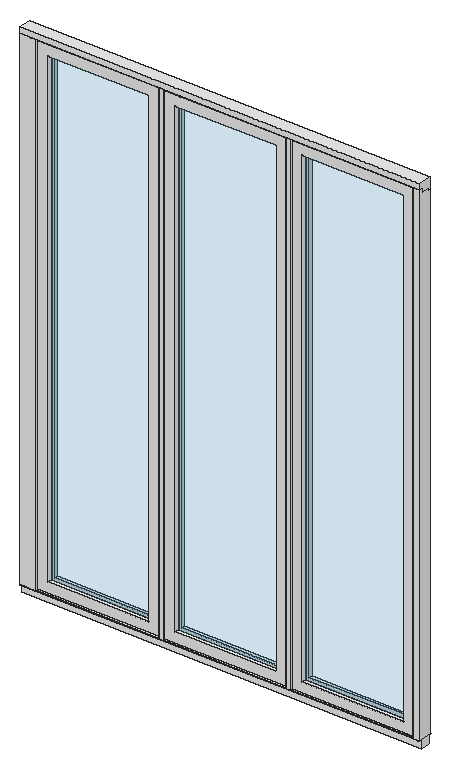
Revit family "98133", category Windows, host Wall, Revit 2018 (continued)
Definition of nested family "Right-Jamb_SL-73"
  Definition of nested family "RightJamb_SL73"
    Lines and regions (in)
      model lines, in view "Ref. Level"
        curve 365: line (3.05713, -0.24409, 0) -> (3.11168, -0.14961, 0)
        curve 366: line (3.11168, -0.14961, 0) -> (3.11513, -0.14032, 0)
        curve 367: line (3.1069, -0.13806, 0) -> (3.0218, -0.11526, 0)
        curve 368: line (2.99702, -0.13427, 0) -> (2.99702, -0.25591, 0)
        curve 369: line (2.99702, -0.25591, 0) -> (2.20568, -0.25591, 0)
        curve 370: line (2.20568, -0.32677, 0) -> (2.48521, -0.32677, 0)
        curve 371: line (2.48521, -0.32677, 0) -> (2.48521, -0.38583, 0)
        curve 372: line (2.48521, -0.38583, 0) -> (2.41681, -0.39438, 0)
        curve 373: line (2.40647, -0.4061, 0) -> (2.40647, -0.46005, 0)
        curve 374: line (2.41681, -0.47177, 0) -> (2.48521, -0.48031, 0)
        curve 375: line (2.48521, -0.48031, 0) -> (2.48521, -0.53937, 0)
        curve 376: line (2.48521, -0.53937, 0) -> (2.09938, -0.53937, 0)
        curve 377: line (2.08824, -0.5315, 0) -> (2.06395, -0.5315, 0)
        curve 378: line (2.05213, -0.54331, 0) -> (2.05213, -0.57087, 0)
        curve 379: line (2.09151, -0.61024, 0) -> (2.60332, -0.61024, 0)
        curve 380: line (2.60332, -0.61024, 0) -> (2.60332, -1.06685, 0)
        curve 381: line (2.60332, -1.06685, 0) -> (2.66237, -1.08268, 0)
        curve 382: line (2.66237, -1.08268, 0) -> (2.66237, -1.00394, 0)
        curve 383: line (2.66237, -1.00394, 0) -> (2.80017, -1.00394, 0)
        curve 384: line (2.80017, -1.00394, 0) -> (2.80017, -1.20986, 0)
        curve 385: line (2.80017, -1.20986, 0) -> (2.81198, -1.23031, 0)
        curve 386: line (2.81198, -1.23031, 0) -> (2.80017, -1.25077, 0)
        curve 387: line (2.80017, -1.25077, 0) -> (2.80017, -1.50394, 0)
        curve 388: line (2.80017, -1.50394, 0) -> (2.66237, -1.50394, 0)
        curve 389: line (2.66237, -1.50394, 0) -> (2.66237, -1.37795, 0)
        curve 390: line (2.66237, -1.37795, 0) -> (2.60332, -1.39378, 0)
        curve 391: line (2.60332, -1.39378, 0) -> (2.60332, -1.5748, 0)
        curve 392: line (2.60332, -1.5748, 0) -> (3.98127, -1.5748, 0)
        curve 393: line (3.98127, -1.5748, 0) -> (3.98127, -1.43315, 0)
        curve 394: line (3.98127, -1.43315, 0) -> (3.92221, -1.41732, 0)
        curve 395: line (3.92221, -1.41732, 0) -> (3.92221, -1.49606, 0)
        curve 396: line (3.92221, -1.49606, 0) -> (3.78442, -1.49606, 0)
        curve 397: line (3.78442, -1.49606, 0) -> (3.78442, -1.24093, 0)
        curve 398: line (3.78442, -1.24093, 0) -> (3.77261, -1.22047, 0)
        curve 399: line (3.77261, -1.22047, 0) -> (3.78442, -1.20002, 0)
        curve 400: line (3.78442, -1.20002, 0) -> (3.78442, -0.94488, 0)
        curve 401: line (3.78442, -0.94488, 0) -> (3.92221, -0.94488, 0)
        curve 402: line (3.92221, -0.94488, 0) -> (3.92221, -1.02362, 0)
        curve 403: line (3.92221, -1.02362, 0) -> (3.98127, -1.0078, 0)
        curve 404: line (3.98127, -1.0078, 0) -> (3.98127, -0.90945, 0)
        curve 405: line (3.98127, -0.90945, 0) -> (3.93009, -0.85827, 0)
        curve 406: line (3.92404, -0.85827, 0) -> (3.9104, -0.88189, 0)
        curve 407: line (3.9104, -0.88189, 0) -> (3.89676, -0.85827, 0)
        curve 408: line (3.89676, -0.85827, 0) -> (3.86105, -0.85827, 0)
        curve 409: line (3.86105, -0.85827, 0) -> (3.84741, -0.88189, 0)
        curve 410: line (3.84741, -0.88189, 0) -> (3.83377, -0.85827, 0)
        curve 411: line (3.83377, -0.85827, 0) -> (3.79806, -0.85827, 0)
        curve 412: line (3.79806, -0.85827, 0) -> (3.78442, -0.88189, 0)
        curve 413: line (3.78442, -0.88189, 0) -> (3.77078, -0.85827, 0)
        curve 414: line (3.77078, -0.85827, 0) -> (3.73506, -0.85827, 0)
        curve 415: line (3.73506, -0.85827, 0) -> (3.72143, -0.88189, 0)
        curve 416: line (3.72143, -0.88189, 0) -> (3.70779, -0.85827, 0)
        curve 417: line (3.70779, -0.85827, 0) -> (3.67207, -0.85827, 0)
        curve 418: line (3.67207, -0.85827, 0) -> (3.65843, -0.88189, 0)
        curve 419: line (3.65843, -0.88189, 0) -> (3.6448, -0.85827, 0)
        curve 420: line (3.6448, -0.85827, 0) -> (3.60908, -0.85827, 0)
        curve 421: line (3.60908, -0.85827, 0) -> (3.59544, -0.88189, 0)
        curve 422: line (3.59544, -0.88189, 0) -> (3.5818, -0.85827, 0)
        curve 423: line (3.5818, -0.85827, 0) -> (3.56001, -0.85827, 0)
        curve 424: line (3.56001, -0.85827, 0) -> (3.53082, -0.82908, 0)
        curve 425: line (3.51968, -0.82908, 0) -> (3.49049, -0.85827, 0)
        curve 426: line (3.49049, -0.85827, 0) -> (3.4419, -0.85827, 0)
        curve 427: line (3.4419, -0.85827, 0) -> (3.37103, -0.7874, 0)
        curve 428: line (3.37103, -0.7874, 0) -> (3.4419, -0.71654, 0)
        curve 429: line (3.4419, -0.71654, 0) -> (3.49049, -0.71654, 0)
        curve 430: line (3.49049, -0.71654, 0) -> (3.51968, -0.74573, 0)
        curve 431: line (3.53082, -0.74573, 0) -> (3.56001, -0.71654, 0)
        curve 432: line (3.56001, -0.71654, 0) -> (3.6133, -0.71654, 0)
        curve 433: line (3.6133, -0.71654, 0) -> (3.62694, -0.69291, 0)
        curve 434: line (3.62694, -0.69291, 0) -> (3.64058, -0.71654, 0)
        curve 435: line (3.64058, -0.71654, 0) -> (3.67629, -0.71654, 0)
        curve 436: line (3.67629, -0.71654, 0) -> (3.68993, -0.69291, 0)
        curve 437: line (3.68993, -0.69291, 0) -> (3.70357, -0.71654, 0)
        curve 438: line (3.70357, -0.71654, 0) -> (3.73928, -0.71654, 0)
        curve 439: line (3.73928, -0.71654, 0) -> (3.75292, -0.69291, 0)
        curve 440: line (3.75292, -0.69291, 0) -> (3.76656, -0.71654, 0)
        curve 441: line (3.76656, -0.71654, 0) -> (3.80228, -0.71654, 0)
        curve 442: line (3.80228, -0.71654, 0) -> (3.81591, -0.69291, 0)
        curve 443: line (3.81591, -0.69291, 0) -> (3.82955, -0.71654, 0)
        curve 444: line (3.82955, -0.71654, 0) -> (3.86527, -0.71654, 0)
        curve 445: line (3.86527, -0.71654, 0) -> (3.87891, -0.69291, 0)
        curve 446: line (3.87891, -0.69291, 0) -> (3.89254, -0.71654, 0)
        curve 447: line (3.89254, -0.71654, 0) -> (3.93009, -0.71654, 0)
        curve 448: line (3.93009, -0.71654, 0) -> (3.98127, -0.66535, 0)
        curve 449: line (3.98127, -0.66535, 0) -> (3.98127, -0.2874, 0)
        curve 450: line (3.94977, -0.25591, 0) -> (3.94977, -0.13427, 0)
        curve 451: line (3.32927, -0.82916, 0) -> (3.34446, -0.84435, 0)
        curve 452: line (3.33054, -0.87795, 0) -> (3.12694, -0.87795, 0)
        curve 453: line (3.06788, -0.93701, 0) -> (3.06788, -0.97638, 0)
        curve 454: line (3.10725, -1.01575, 0) -> (3.12694, -1.01575, 0)
        curve 455: line (3.12694, -1.01575, 0) -> (3.12694, -0.93701, 0)
        curve 456: line (3.12694, -0.93701, 0) -> (3.71355, -0.93701, 0)
        curve 457: line (3.71355, -0.93701, 0) -> (3.71355, -1.49606, 0)
        curve 458: line (3.71355, -1.49606, 0) -> (3.12694, -1.49606, 0)
        curve 459: line (3.12694, -1.49606, 0) -> (3.12694, -1.41732, 0)
        curve 460: line (3.12694, -1.41732, 0) -> (3.10725, -1.41732, 0)
        curve 461: line (3.06788, -1.45669, 0) -> (3.06788, -1.49606, 0)
        curve 462: line (3.06788, -1.49606, 0) -> (2.87103, -1.49606, 0)
        curve 463: line (2.87103, -1.49606, 0) -> (2.87103, -1.00394, 0)
        curve 464: line (2.80017, -0.93307, 0) -> (2.67418, -0.93307, 0)
        curve 465: line (2.67418, -0.93307, 0) -> (2.67418, -0.61024, 0)
        curve 466: line (2.60332, -0.53937, 0) -> (2.55607, -0.53937, 0)
        curve 467: line (2.55607, -0.53937, 0) -> (2.55607, -0.32677, 0)
        curve 468: line (2.55607, -0.32677, 0) -> (3.9104, -0.32677, 0)
        curve 469: line (3.9104, -0.32677, 0) -> (3.9104, -0.63386, 0)
        curve 470: line (3.9104, -0.63386, 0) -> (3.59284, -0.63386, 0)
        curve 471: line (3.59284, -0.63386, 0) -> (3.5792, -0.65748, 0)
        curve 472: line (3.5792, -0.65748, 0) -> (3.41744, -0.65748, 0)
        curve 473: line (3.41744, -0.65748, 0) -> (3.32927, -0.74564, 0)
        curve 474: line (3.95273, 0.32328, 0) -> (3.95273, -0.04769, 0)
        curve 475: line (3.88186, 0.00914, 0) -> (3.88186, 0.26645, 0)
        curve 476: line (3.87595, 0.52362, 0) -> (3.87595, 0.50236, 0)
        curve 477: line (3.87595, 0.50236, 0) -> (3.83166, 0.42565, 0)
        curve 478: line (3.83166, -0.15006, 0) -> (3.87595, -0.22677, 0)
        curve 479: line (3.87595, -0.22677, 0) -> (3.87595, -0.24803, 0)
        curve 480: line (3.88966, 0.51969, 0) -> (3.83166, 0.42565, 0)
        curve 481: line (3.83166, 0.42565, 0) -> (3.83166, 0.41591, 0)
        curve 482: line (3.70863, -0.24803, 0) -> (3.70863, -0.22677, 0)
        curve 483: line (3.70863, -0.22677, 0) -> (3.75292, -0.15006, 0)
        curve 484: line (3.75292, 0.38636, 0) -> (3.75292, 0.42565, 0)
        curve 485: line (3.75292, 0.42565, 0) -> (3.70863, 0.50236, 0)
        curve 486: line (3.70863, 0.50236, 0) -> (3.70863, 0.52362, 0)
        curve 487: line (3.84151, 0.39886, 0) -> (3.94288, 0.34033, 0)
        curve 488: line (3.86217, 0.30055, 0) -> (3.77261, 0.35226, 0)
        curve 489: line (3.71651, 0.5315, 0) -> (3.86808, 0.5315, 0)
        curve 490: line (3.86808, -0.25591, 0) -> (3.71651, -0.25591, 0)
        curve 491: line (3.77261, -0.07667, 0) -> (3.86217, -0.02496, 0)
        curve 492: line (3.94288, -0.06474, 0) -> (3.84151, -0.12327, 0)
        curve 493: line (3.23816, 0.52362, 0) -> (3.23816, 0.50236, 0)
        curve 494: line (3.23816, 0.50236, 0) -> (3.19387, 0.42565, 0)
        curve 495: line (3.19387, 0.42565, 0) -> (3.25187, 0.51969, 0)
        curve 496: line (3.19387, -0.15006, 0) -> (3.23816, -0.22677, 0)
        curve 497: line (3.23816, -0.22677, 0) -> (3.23816, -0.24803, 0)
        curve 498: line (3.19387, 0.42565, 0) -> (3.19387, 0.38636, 0)
        curve 499: line (3.07084, -0.24803, 0) -> (3.07084, -0.22677, 0)
        curve 500: line (3.07084, -0.22677, 0) -> (3.11513, -0.15006, 0)
        curve 501: line (3.11513, 0.41591, 0) -> (3.11513, 0.42565, 0)
        curve 502: line (3.11513, 0.42565, 0) -> (3.07084, 0.50236, 0)
        curve 503: line (3.07084, 0.50236, 0) -> (3.07084, 0.52362, 0)
        curve 504: line (3.06493, 0.26645, 0) -> (3.06493, 0.00914, 0)
        curve 505: line (2.99406, -0.04769, 0) -> (2.99406, 0.32328, 0)
        curve 506: line (3.07871, 0.5315, 0) -> (3.23028, 0.5315, 0)
        curve 507: line (3.08462, -0.02496, 0) -> (3.17418, -0.07667, 0)
        curve 508: line (3.10528, -0.12327, 0) -> (3.00391, -0.06474, 0)
        curve 509: line (3.23028, -0.25591, 0) -> (3.07871, -0.25591, 0)
        curve 510: line (3.00391, 0.34033, 0) -> (3.10528, 0.39886, 0)
        curve 511: line (3.17418, 0.35226, 0) -> (3.08462, 0.30055, 0)
        curve 512: line (3.51968, 0.82908, 0) -> (3.49049, 0.85827, 0)
        curve 513: line (3.49049, 0.85827, 0) -> (3.4419, 0.85827, 0)
        curve 514: line (3.4419, 0.85827, 0) -> (3.37103, 0.7874, 0)
        curve 515: line (3.37103, 0.7874, 0) -> (3.4419, 0.71654, 0)
        curve 516: line (3.4419, 0.71654, 0) -> (3.49049, 0.71654, 0)
        curve 517: line (3.49049, 0.71654, 0) -> (3.51968, 0.74573, 0)
        curve 518: line (3.53082, 0.74573, 0) -> (3.56001, 0.71654, 0)
        curve 519: line (3.56001, 0.71654, 0) -> (3.6133, 0.71654, 0)
        curve 520: line (3.6133, 0.71654, 0) -> (3.62694, 0.69291, 0)
        curve 521: line (3.62694, 0.69291, 0) -> (3.64058, 0.71654, 0)
        curve 522: line (3.64058, 0.71654, 0) -> (3.67629, 0.71654, 0)
        curve 523: line (3.67629, 0.71654, 0) -> (3.68993, 0.69291, 0)
        curve 524: line (3.68993, 0.69291, 0) -> (3.70357, 0.71654, 0)
        curve 525: line (3.70357, 0.71654, 0) -> (3.73928, 0.71654, 0)
        curve 526: line (3.73928, 0.71654, 0) -> (3.75292, 0.69291, 0)
        curve 527: line (3.75292, 0.69291, 0) -> (3.76656, 0.71654, 0)
        curve 528: line (3.76656, 0.71654, 0) -> (3.80228, 0.71654, 0)
        curve 529: line (3.80228, 0.71654, 0) -> (3.81591, 0.69291, 0)
        curve 530: line (3.81591, 0.69291, 0) -> (3.82955, 0.71654, 0)
        curve 531: line (3.82955, 0.71654, 0) -> (3.86527, 0.71654, 0)
        curve 532: line (3.86527, 0.71654, 0) -> (3.87891, 0.69291, 0)
        curve 533: line (3.87891, 0.69291, 0) -> (3.89254, 0.71654, 0)
        curve 534: line (3.89254, 0.71654, 0) -> (3.93009, 0.71654, 0)
        curve 535: line (3.93009, 0.71654, 0) -> (3.98127, 0.66535, 0)
        curve 536: line (3.98127, 0.66535, 0) -> (3.98127, 0.56299, 0)
        curve 537: line (3.94977, 0.5315, 0) -> (3.94977, 0.40987, 0)
        curve 538: line (3.92499, 0.39085, 0) -> (3.83989, 0.41365, 0)
        curve 539: line (3.88284, 0.5315, 0) -> (3.70174, 0.5315, 0)
        curve 540: line (3.69492, 0.51969, 0) -> (3.74947, 0.4252, 0)
        curve 541: line (3.74266, 0.41339, 0) -> (3.6881, 0.41339, 0)
        curve 542: line (3.65401, 0.43307, 0) -> (3.59718, 0.5315, 0)
        curve 543: line (3.59718, 0.5315, 0) -> (3.34961, 0.5315, 0)
        curve 544: line (3.34961, 0.5315, 0) -> (3.29278, 0.43307, 0)
        curve 545: line (3.25869, 0.41339, 0) -> (3.20413, 0.41339, 0)
        curve 546: line (3.24505, 0.5315, 0) -> (3.06395, 0.5315, 0)
        curve 547: line (3.05713, 0.51969, 0) -> (3.11168, 0.4252, 0)
        curve 548: line (3.1069, 0.41365, 0) -> (3.0218, 0.39085, 0)
        curve 549: line (2.99702, 0.40987, 0) -> (2.99702, 0.5315, 0)
        curve 550: line (2.99702, 0.5315, 0) -> (2.20568, 0.5315, 0)
        curve 551: line (2.20568, 0.60236, 0) -> (2.48521, 0.60236, 0)
        curve 552: line (2.48521, 0.60236, 0) -> (2.48521, 0.66142, 0)
        curve 553: line (2.48521, 0.66142, 0) -> (2.41681, 0.66997, 0)
        curve 554: line (2.40647, 0.68169, 0) -> (2.40647, 0.73564, 0)
        curve 555: line (2.41681, 0.74736, 0) -> (2.48521, 0.75591, 0)
        curve 556: line (2.48521, 0.75591, 0) -> (2.48521, 0.81496, 0)
        curve 557: line (2.48521, 0.81496, 0) -> (2.09938, 0.81496, 0)
        curve 558: line (2.08824, 0.80709, 0) -> (2.06395, 0.80709, 0)
        curve 559: line (2.05213, 0.8189, 0) -> (2.05213, 0.84646, 0)
        curve 560: line (2.09151, 0.88583, 0) -> (3.06788, 0.88583, 0)
        curve 561: line (3.06788, 0.88583, 0) -> (3.06788, 1.04253, 0)
        curve 562: line (3.06788, 1.04253, 0) -> (3.07969, 1.06299, 0)
        curve 563: line (3.07969, 1.06299, 0) -> (3.06788, 1.08345, 0)
        curve 564: line (3.06788, 1.08345, 0) -> (3.06788, 1.49606, 0)
        curve 565: line (3.06788, 1.49606, 0) -> (2.06395, 1.49606, 0)
        curve 566: line (2.06395, 1.49606, 0) -> (2.06395, 1.42913, 0)
        curve 567: line (2.00489, 1.37008, 0) -> (1.92615, 1.37008, 0)
        curve 568: line (1.92615, 1.37008, 0) -> (1.92615, 1.40945, 0)
        curve 569: line (1.92615, 1.40945, 0) -> (2.00489, 1.40945, 0)
        curve 570: line (2.00489, 1.40945, 0) -> (2.00489, 1.49606, 0)
        curve 571: line (2.00489, 1.49606, 0) -> (1.61906, 1.49606, 0)
        curve 572: line (1.50155, 1.38976, 0) -> (1.59938, 1.38976, 0)
        curve 573: line (1.59938, 1.38976, 0) -> (1.59938, 1.40945, 0)
        curve 574: line (1.59938, 1.40945, 0) -> (1.65843, 1.40945, 0)
        curve 575: line (1.65843, 1.40945, 0) -> (1.65843, 1.38976, 0)
        curve 576: line (1.71749, 1.33071, 0) -> (1.71749, 1.27953, 0)
        curve 577: line (1.67812, 1.24016, 0) -> (1.65056, 1.24016, 0)
        curve 578: line (1.63088, 1.25984, 0) -> (1.63088, 1.27953, 0)
        curve 579: line (1.63088, 1.27953, 0) -> (1.67812, 1.27953, 0)
        curve 580: line (1.67812, 1.27953, 0) -> (1.67812, 1.33071, 0)
        curve 581: line (1.67812, 1.33071, 0) -> (1.46158, 1.33071, 0)
        curve 582: line (1.46158, 1.33071, 0) -> (1.46158, 1.27953, 0)
        curve 583: line (1.46158, 1.27953, 0) -> (1.50883, 1.27953, 0)
        curve 584: line (1.50883, 1.27953, 0) -> (1.50883, 1.25984, 0)
        curve 585: line (1.48914, 1.24016, 0) -> (1.42221, 1.24016, 0)
        curve 586: line (1.42221, 1.24016, 0) -> (1.42221, 1.37795, 0)
        curve 587: line (1.61906, 1.5748, 0) -> (3.98127, 1.5748, 0)
        curve 588: line (3.98127, 1.5748, 0) -> (3.98127, 1.45675, 0)
        curve 589: line (3.98127, 1.45675, 0) -> (3.92221, 1.44093, 0)
        curve 590: line (3.92221, 1.44093, 0) -> (3.92221, 1.51967, 0)
        curve 591: line (3.92221, 1.51967, 0) -> (3.78442, 1.51967, 0)
        curve 592: line (3.78442, 1.51967, 0) -> (3.78442, 1.24093, 0)
        curve 593: line (3.78442, 1.24093, 0) -> (3.77261, 1.22047, 0)
        curve 594: line (3.77261, 1.22047, 0) -> (3.78442, 1.20002, 0)
        curve 595: line (3.78442, 1.20002, 0) -> (3.78442, 0.94488, 0)
        curve 596: line (3.78442, 0.94488, 0) -> (3.92221, 0.94488, 0)
        curve 597: line (3.92221, 0.94488, 0) -> (3.92221, 1.02362, 0)
        curve 598: line (3.92221, 1.02362, 0) -> (3.98127, 1.0078, 0)
        curve 599: line (3.98127, 1.0078, 0) -> (3.98127, 0.90945, 0)
        curve 600: line (3.98127, 0.90945, 0) -> (3.93009, 0.85827, 0)
        curve 601: line (3.92404, 0.85827, 0) -> (3.9104, 0.88189, 0)
        curve 602: line (3.9104, 0.88189, 0) -> (3.89676, 0.85827, 0)
        curve 603: line (3.89676, 0.85827, 0) -> (3.86105, 0.85827, 0)
        curve 604: line (3.86105, 0.85827, 0) -> (3.84741, 0.88189, 0)
        curve 605: line (3.84741, 0.88189, 0) -> (3.83377, 0.85827, 0)
        curve 606: line (3.83377, 0.85827, 0) -> (3.79806, 0.85827, 0)
        curve 607: line (3.79806, 0.85827, 0) -> (3.78442, 0.88189, 0)
        curve 608: line (3.78442, 0.88189, 0) -> (3.77078, 0.85827, 0)
        curve 609: line (3.77078, 0.85827, 0) -> (3.73506, 0.85827, 0)
        curve 610: line (3.73506, 0.85827, 0) -> (3.72143, 0.88189, 0)
        curve 611: line (3.72143, 0.88189, 0) -> (3.70779, 0.85827, 0)
        curve 612: line (3.70779, 0.85827, 0) -> (3.67207, 0.85827, 0)
        curve 613: line (3.67207, 0.85827, 0) -> (3.65843, 0.88189, 0)
        curve 614: line (3.65843, 0.88189, 0) -> (3.6448, 0.85827, 0)
        curve 615: line (3.6448, 0.85827, 0) -> (3.60908, 0.85827, 0)
        curve 616: line (3.60908, 0.85827, 0) -> (3.59544, 0.88189, 0)
        curve 617: line (3.59544, 0.88189, 0) -> (3.5818, 0.85827, 0)
        curve 618: line (3.5818, 0.85827, 0) -> (3.56001, 0.85827, 0)
        curve 619: line (3.56001, 0.85827, 0) -> (3.53082, 0.82908, 0)
        curve 620: line (0.88499, -0.40292, 0) -> (1.01885, -0.40292, 0)
        curve 621: line (1.01885, -0.40292, 0) -> (0.88499, -0.40292, 0)
        curve 622: line (0.88499, -0.40292, 0) -> (0.85039, -0.40292, 0)
        curve 623: line (0.88499, 0.54196, 0) -> (1.01885, 0.54196, 0)
        curve 624: line (0.86924, -0.38717, 0) -> (0.86924, -0.373, 0)
        curve 625: line (0.86924, -0.373, 0) -> (0.88358, -0.34817, 0)
        curve 626: line (0.88358, -0.34817, 0) -> (0.89621, -0.3263, 0)
        curve 627: line (0.89792, -0.32332, 0) -> (0.90236, -0.31563, 0)
        curve 628: line (0.90236, -0.31563, 0) -> (0.90622, -0.30895, 0)
        curve 629: line (0.91255, -0.28533, 0) -> (0.91255, 0.42437, 0)
        curve 630: line (0.90622, 0.44799, 0) -> (0.90236, 0.45467, 0)
        curve 631: line (0.90236, 0.45467, 0) -> (0.89792, 0.46236, 0)
        curve 632: line (0.89621, 0.46534, 0) -> (0.88358, 0.48721, 0)
        curve 633: line (0.88358, 0.48721, 0) -> (0.86924, 0.51204, 0)
        curve 634: line (0.86924, 0.51204, 0) -> (0.86924, 0.52621, 0)
        curve 635: line (1.00868, 0.45928, 0) -> (1.0346, 0.51204, 0)
        curve 636: line (1.0346, 0.51204, 0) -> (1.0346, 0.52621, 0)
        curve 637: line (0.99762, 0.44799, 0) -> (1.00527, 0.46125, 0)
        curve 638: line (1.00527, 0.46125, 0) -> (1.0346, 0.51204, 0)
        curve 639: line (1.03937, 0.51243, 0) -> (1.03937, 0.54196, 0)
        curve 640: line (1.03937, 0.54196, 0) -> (1.01885, 0.54196, 0)
        curve 641: line (1.01885, 0.54196, 0) -> (0.88499, 0.54196, 0)
        curve 642: line (0.88499, 0.54196, 0) -> (0.85039, 0.54196, 0)
        curve 643: line (0.99129, -0.28533, 0) -> (0.99129, 0.42437, 0)
        curve 644: line (1.0346, -0.38717, 0) -> (1.0346, -0.373, 0)
        curve 645: line (1.0346, -0.373, 0) -> (1.00527, -0.32221, 0)
        curve 646: line (1.00527, -0.32221, 0) -> (0.99762, -0.30895, 0)
        curve 647: line (1.61501, -0.40292, 0) -> (1.48115, -0.40292, 0)
        curve 648: line (1.61501, 0.54196, 0) -> (1.48115, 0.54196, 0)
        curve 649: line (1.48115, 0.54196, 0) -> (1.61501, 0.54196, 0)
        curve 650: line (1.61501, 0.54196, 0) -> (1.64961, 0.54196, 0)
        curve 651: line (1.4654, -0.38717, 0) -> (1.4654, -0.373, 0)
        curve 652: line (1.4654, -0.373, 0) -> (1.49473, -0.32221, 0)
        curve 653: line (1.49473, -0.32221, 0) -> (1.49813, -0.31631, 0)
        curve 654: line (1.49813, -0.31631, 0) -> (1.50238, -0.30895, 0)
        curve 655: line (1.50871, -0.28533, 0) -> (1.50871, 0.42437, 0)
        curve 656: line (1.50238, 0.44799, 0) -> (1.49473, 0.46125, 0)
        curve 657: line (1.49473, 0.46125, 0) -> (1.4654, 0.51204, 0)
        curve 658: line (1.4654, 0.51204, 0) -> (1.4654, 0.52621, 0)
        curve 659: line (1.59378, 0.44799, 0) -> (1.59764, 0.45467, 0)
        curve 660: line (1.59764, 0.45467, 0) -> (1.60208, 0.46236, 0)
        curve 661: line (1.60379, 0.46534, 0) -> (1.61642, 0.48721, 0)
        curve 662: line (1.61642, 0.48721, 0) -> (1.63076, 0.51204, 0)
        curve 663: line (1.63076, 0.51204, 0) -> (1.63076, 0.52621, 0)
        curve 664: line (1.58745, -0.28533, 0) -> (1.58745, 0.42437, 0)
        curve 665: line (1.63076, -0.38717, 0) -> (1.63076, -0.373, 0)
        curve 666: line (1.63076, -0.373, 0) -> (1.61642, -0.34817, 0)
        curve 667: line (1.61642, -0.34817, 0) -> (1.60379, -0.3263, 0)
        curve 668: line (1.60208, -0.32332, 0) -> (1.59764, -0.31563, 0)
        curve 669: line (1.59764, -0.31563, 0) -> (1.59378, -0.30895, 0)
        curve 670: line (1.05118, 0.44353, 0) -> (1.00868, 0.44353, 0)
        curve 671: line (0.87794, 0.48396, 0) -> (0.89057, 0.46208, 0)
        curve 672: line (0.89655, 0.44766, 0) -> (0.84145, 0.4329, 0)
        curve 673: line (0.8327, 0.42149, 0) -> (0.8327, 0.36479, 0)
        curve 674: line (0.8327, 0.36479, 0) -> (0.82483, 0.36479, 0)
        curve 675: line (0.78987, 0.41055, 0) -> (0.78214, 0.41828, 0)
        curve 676: line (0.78214, 0.41828, 0) -> (0.78842, 0.52238, 0)
        curve 677: line (0.83654, 0.69917, 0) -> (0.7874, 0.686, 0)
        curve 678: line (0.7874, 0.686, 0) -> (0.7874, 0.53895, 0)
        curve 679: line (0.27559, 1.1207, 0) -> (0.7874, 1.1207, 0)
        curve 680: line (0.7874, 1.1207, 0) -> (0.7874, 0.9829, 0)
        curve 681: line (0.7874, 0.9829, 0) -> (0.82677, 0.9829, 0)
        curve 682: line (0.82677, 0.9829, 0) -> (0.84646, 1.1207, 0)
        curve 683: line (0.84646, 1.1207, 0) -> (0.98031, 1.1207, 0)
        curve 684: line (0.98031, 1.1207, 0) -> (0.98031, 0.6207, 0)
        curve 685: line (0.98031, 0.6207, 0) -> (0.84646, 0.6207, 0)
        curve 686: line (0.84646, 0.6207, 0) -> (0.84646, 0.69157, 0)
        curve 687: line (0.09072, 0.90416, 0) -> (0.40551, 0.90416, 0)
        curve 688: line (0.46457, 0.84511, 0) -> (0.46457, 0.76637, 0)
        curve 689: line (0.09843, 0.71913, 0) -> (0, 0.71913, 0)
        curve 690: line (0, 0.71913, 0) -> (0, 0.91598, 0)
        curve 691: line (0.27559, 1.19157, 0) -> (1.7126, 1.19157, 0)
        curve 692: line (1.66346, 0.99498, 0) -> (1.7126, 1.00815, 0)
        curve 693: line (1.65354, 0.69157, 0) -> (1.65354, 0.6207, 0)
        curve 694: line (1.65354, 0.6207, 0) -> (1.51969, 0.6207, 0)
        curve 695: line (1.51969, 0.6207, 0) -> (1.51969, 1.1207, 0)
        curve 696: line (1.51969, 1.1207, 0) -> (1.65354, 1.1207, 0)
        curve 697: line (1.65354, 1.1207, 0) -> (1.65354, 1.00259, 0)
        curve 698: line (1.7126, 0.53895, 0) -> (1.7126, 0.686, 0)
        curve 699: line (1.7126, 0.686, 0) -> (1.66346, 0.69917, 0)
        curve 700: line (1.71158, 0.52238, 0) -> (1.72014, 0.42454, 0)
        curve 701: line (1.72014, 0.42454, 0) -> (1.71013, 0.41055, 0)
        curve 702: line (1.67517, 0.36479, 0) -> (1.6673, 0.36479, 0)
        curve 703: line (1.6673, 0.36479, 0) -> (1.6673, 0.42149, 0)
        curve 704: line (1.65855, 0.4329, 0) -> (1.60345, 0.44766, 0)
        curve 705: line (1.60943, 0.46208, 0) -> (1.62206, 0.48396, 0)
        curve 706: line (1.48115, 0.54196, 0) -> (1.46063, 0.54196, 0)
        curve 707: line (1.46063, 0.54196, 0) -> (1.46063, 0.51243, 0)
        curve 708: line (1.46199, 0.51007, 0) -> (1.49132, 0.45928, 0)
        curve 709: line (1.49132, 0.44353, 0) -> (1.44882, 0.44353, 0)
        curve 710: line (1.38189, 0.51046, 0) -> (1.38189, 0.54196, 0)
        curve 711: line (1.38189, 0.54196, 0) -> (1.11811, 0.54196, 0)
        curve 712: line (1.11811, 0.54196, 0) -> (1.11811, 0.51046, 0)
        curve 713: line (1.45276, 0.6207, 0) -> (1.04724, 0.6207, 0)
        curve 714: line (1.04724, 0.6207, 0) -> (1.04724, 1.1207, 0)
        curve 715: line (1.04724, 1.1207, 0) -> (1.45276, 1.1207, 0)
        curve 716: line (1.45276, 1.1207, 0) -> (1.45276, 0.6207, 0)
        curve 717: line (0.83654, -0.56013, 0) -> (0.7874, -0.54697, 0)
        curve 718: line (0.7874, -0.54697, 0) -> (0.7874, -0.39991, 0)
        curve 719: line (1.7126, -0.39991, 0) -> (1.7126, -0.44229, 0)
        curve 720: line (1.60943, -0.32305, 0) -> (1.62206, -0.34492, 0)
        curve 721: line (1.65855, -0.29386, 0) -> (1.60345, -0.30862, 0)
        curve 722: line (1.67517, -0.22576, 0) -> (1.6673, -0.22576, 0)
        curve 723: line (1.6673, -0.22576, 0) -> (1.6673, -0.28245, 0)
        curve 724: line (1.71158, -0.38334, 0) -> (1.71786, -0.27924, 0)
        curve 725: line (1.71786, -0.27924, 0) -> (1.71013, -0.27151, 0)
        curve 726: line (1.67323, -0.48166, 0) -> (1.51969, -0.48166, 0)
        curve 727: line (1.51969, -0.48166, 0) -> (1.51969, -0.73757, 0)
        curve 728: line (1.51969, -0.73757, 0) -> (1.7874, -0.73757, 0)
        curve 729: line (2.00394, -0.75725, 0) -> (2.00394, -0.77694, 0)
        curve 730: line (2.00394, -0.77694, 0) -> (2.04331, -0.77694, 0)
        curve 731: line (2.04331, -0.77694, 0) -> (2.04331, -0.93442, 0)
        curve 732: line (2.04331, -0.93442, 0) -> (1.76772, -0.93442, 0)
        curve 733: line (1.76772, -0.93442, 0) -> (1.76772, -0.77694, 0)
        curve 734: line (1.76772, -0.77694, 0) -> (1.80709, -0.77694, 0)
        curve 735: line (1.80709, -0.77694, 0) -> (1.80709, -0.75885, 0)
        curve 736: line (2.02362, -0.73757, 0) -> (2.07087, -0.73757, 0)
        curve 737: line (2.11024, -0.77694, 0) -> (2.11024, -0.93442, 0)
        curve 738: line (2.11024, -0.93442, 0) -> (2.25619, -0.93442, 0)
        curve 739: line (2.25401, -1.07194, 0) -> (2.30315, -1.05878, 0)
        curve 740: line (2.30315, -1.05878, 0) -> (2.29541, -0.97036, 0)
        curve 741: line (2.24409, -1.37536, 0) -> (2.24409, -1.49347, 0)
        curve 742: line (2.24409, -1.49347, 0) -> (2.11024, -1.49347, 0)
        curve 743: line (2.11024, -1.49347, 0) -> (2.11024, -0.99347, 0)
        curve 744: line (2.11024, -0.99347, 0) -> (2.24409, -0.99347, 0)
        curve 745: line (2.24409, -0.99347, 0) -> (2.24409, -1.06434, 0)
        curve 746: line (2.30315, -1.38093, 0) -> (2.25401, -1.36776, 0)
        curve 747: line (2.30315, -1.56434, 0) -> (0.7874, -1.56434, 0)
        curve 748: line (0.7874, -1.56434, 0) -> (0.7874, -1.42268, 0)
        curve 749: line (0.7874, -1.42268, 0) -> (0.84646, -1.40686, 0)
        curve 750: line (0.84646, -1.40686, 0) -> (0.84646, -1.4856, 0)
        curve 751: line (0.84646, -1.4856, 0) -> (0.98425, -1.4856, 0)
        curve 752: line (0.98425, -1.4856, 0) -> (0.98425, -0.93442, 0)
        curve 753: line (0.98425, -0.93442, 0) -> (0.84646, -0.93442, 0)
        curve 754: line (0.84646, -0.93442, 0) -> (0.84646, -1.01316, 0)
        curve 755: line (0.84646, -1.01316, 0) -> (0.7874, -0.99733, 0)
        curve 756: line (0.7874, -0.99733, 0) -> (0.7874, -0.81006, 0)
        curve 757: line (0.7874, -0.81006, 0) -> (0.83654, -0.79689, 0)
        curve 758: line (0.84646, -0.55253, 0) -> (0.84646, -0.48166, 0)
        curve 759: line (0.84646, -0.48166, 0) -> (0.98031, -0.48166, 0)
        curve 760: line (0.98031, -0.48166, 0) -> (0.98031, -0.87536, 0)
        curve 761: line (0.98031, -0.87536, 0) -> (0.84646, -0.87536, 0)
        curve 762: line (0.84646, -0.87536, 0) -> (0.84646, -0.8045, 0)
        curve 763: line (0.78842, -0.38334, 0) -> (0.77986, -0.2855, 0)
        curve 764: line (0.77986, -0.2855, 0) -> (0.78987, -0.27151, 0)
        curve 765: line (0.82483, -0.22576, 0) -> (0.8327, -0.22576, 0)
        curve 766: line (0.8327, -0.22576, 0) -> (0.8327, -0.28245, 0)
        curve 767: line (0.84145, -0.29386, 0) -> (0.89655, -0.30862, 0)
        curve 768: line (0.89057, -0.32305, 0) -> (0.87794, -0.34492, 0)
        curve 769: line (1.01885, -0.40292, 0) -> (1.03937, -0.40292, 0)
        curve 770: line (1.03937, -0.40292, 0) -> (1.03937, -0.37339, 0)
        curve 771: line (1.03801, -0.37103, 0) -> (1.00868, -0.32024, 0)
        curve 772: line (1.00868, -0.3045, 0) -> (1.05118, -0.3045, 0)
        curve 773: line (1.11811, -0.37143, 0) -> (1.11811, -0.40292, 0)
        curve 774: line (1.11811, -0.40292, 0) -> (1.38189, -0.40292, 0)
        curve 775: line (1.38189, -0.40292, 0) -> (1.38189, -0.37143, 0)
        curve 776: line (1.49132, -0.3045, 0) -> (1.44882, -0.3045, 0)
        curve 777: line (1.49132, -0.32024, 0) -> (1.46063, -0.37339, 0)
        curve 778: line (1.46199, -0.37103, 0) -> (1.46063, -0.40292, 0)
        curve 779: line (1.46063, -0.40292, 0) -> (1.48115, -0.40292, 0)
        curve 780: line (1.48115, -0.40292, 0) -> (1.61501, -0.40292, 0)
        curve 781: line (1.61501, -0.40292, 0) -> (1.64961, -0.40292, 0)
        curve 782: line (1.76772, -1.00135, 0) -> (2.04331, -1.00135, 0)
        curve 783: line (2.04331, -1.00135, 0) -> (2.04331, -1.49347, 0)
        curve 784: line (2.04331, -1.49347, 0) -> (1.51969, -1.49347, 0)
        curve 785: line (1.51969, -1.49347, 0) -> (1.51969, -1.4541, 0)
        curve 786: line (1.51969, -0.8045, 0) -> (1.70079, -0.8045, 0)
        curve 787: line (1.70079, -0.8045, 0) -> (1.70079, -0.93442, 0)
        curve 788: line (1.48031, -1.41473, 0) -> (1.45276, -1.41473, 0)
        curve 789: line (1.45276, -1.41473, 0) -> (1.45276, -1.49347, 0)
        curve 790: line (1.45276, -1.49347, 0) -> (1.04724, -1.49347, 0)
        curve 791: line (1.04724, -1.49347, 0) -> (1.04724, -0.48166, 0)
        curve 792: line (1.04724, -0.48166, 0) -> (1.45276, -0.48166, 0)
        curve 793: line (1.45276, -0.48166, 0) -> (1.45276, -0.73757, 0)
        curve 794: line (0.41732, 0.7585, 0) -> (0.37795, 0.7585, 0)
        curve 795: line (0.37795, 0.7585, 0) -> (0.37795, 0.71913, 0)
        curve 796: line (0.41732, 0.71913, 0) -> (0.37795, 0.71913, 0)
        curve 797: line (0.37795, 0.71913, 0) -> (0.37795, 0.7585, 0)
        curve 798: line (0.37795, 0.7585, 0) -> (0.41732, 0.7585, 0)
        curve 799: line (0.41732, 0.7585, 0) -> (0.41732, 0.83724, 0)
        curve 800: line (0.41732, 0.83724, 0) -> (0.05906, 0.83724, 0)
        curve 801: line (0.05906, 0.83724, 0) -> (0.05906, 0.7585, 0)
        curve 802: line (0.05906, 0.7585, 0) -> (0.09843, 0.7585, 0)
        curve 803: line (0.09843, 0.7585, 0) -> (0.09843, 0.71913, 0)
        curve 804: line (0.09843, 0.71913, 0) -> (0.09843, 0.7585, 0)
        curve 805: line (0.09843, 0.7585, 0) -> (0.05906, 0.7585, 0)
        curve 806: line (0.68898, 0.52238, 0) -> (0.68898, -0.13903, 0)
        curve 807: line (0.68898, 0.6149, 0) -> (0.7874, -0.72733, 0)
        curve 808: line (0.7874, -0.72733, 0) -> (0.7874, 0.6149, 0)
        curve 809: line (0.7874, 0.6149, 0) -> (0.68898, 0.6149, 0)
        curve 810: line (0.68898, 0.6149, 0) -> (0.68898, -0.1919, 0)
        curve 811: line (0.68898, -0.1919, 0) -> (0.68898, -0.72733, 0)
        curve 812: line (0.68898, -0.72733, 0) -> (0.7874, 0.6149, 0)
        curve 813: line (0.7874, -0.72733, 0) -> (0.68898, -0.72733, 0)
        curve 814: line (0.58525, 0.48678, 0) -> (0.53153, 0.54049, 0)
        curve 815: line (0.51032, 0.54049, 0) -> (0.45661, 0.48678, 0)
        curve 816: line (0.43539, 0.48678, 0) -> (0.38168, 0.54049, 0)
        curve 817: line (0.36047, 0.54049, 0) -> (0.30676, 0.48678, 0)
        curve 818: line (0.28554, 0.48678, 0) -> (0.23183, 0.54049, 0)
        curve 819: line (0.21062, 0.54049, 0) -> (0.1569, 0.48678, 0)
        curve 820: line (0.13569, 0.48678, 0) -> (0.08198, 0.54049, 0)
        curve 821: line (0.06076, 0.54049, 0) -> (0.00705, 0.48678, 0)
        curve 822: line (-0.01416, 0.48678, 0) -> (-0.06788, 0.54049, 0)
        curve 823: line (-0.08909, 0.54049, 0) -> (-0.1578, 0.47178, 0)
        curve 824: line (-0.18281, 0.48659, 0) -> (-0.09369, 0.79739, 0)
        curve 825: line (-0.06485, 0.81912, 0) -> (-0.005, 0.81912, 0)
        curve 826: line (-0.005, 0.81912, 0) -> (-0.005, 0.71912, 0)
        curve 827: line (-0.005, 0.71912, 0) -> (0.10843, 0.71912, 0)
        curve 828: line (0.10843, 0.71912, 0) -> (0.10843, 0.76849, 0)
        curve 829: line (0.10843, 0.76849, 0) -> (0.08343, 0.76849, 0)
        curve 830: line (0.07524, 0.78423, 0) -> (0.10885, 0.83223, 0)
        curve 831: line (0.10885, 0.83223, 0) -> (0.15346, 0.83223, 0)
        curve 832: line (0.15346, 0.83223, 0) -> (0.18183, 0.72636, 0)
        curve 833: line (0.21081, 0.70412, 0) -> (0.26557, 0.70412, 0)
        curve 834: line (0.29455, 0.72636, 0) -> (0.32292, 0.83223, 0)
        curve 835: line (0.32292, 0.83223, 0) -> (0.36753, 0.83223, 0)
        curve 836: line (0.36753, 0.83223, 0) -> (0.40115, 0.78423, 0)
        curve 837: line (0.39295, 0.76849, 0) -> (0.36795, 0.76849, 0)
        curve 838: line (0.36795, 0.76849, 0) -> (0.36795, 0.71912, 0)
        curve 839: line (0.36795, 0.71912, 0) -> (0.48457, 0.71912, 0)
        curve 840: line (0.48457, 0.71912, 0) -> (0.48457, 0.80912, 0)
        curve 841: line (0.48457, 0.80912, 0) -> (0.66457, 0.80912, 0)
        curve 842: line (0.66457, 0.80912, 0) -> (0.66457, 0.54488, 0)
        curve 843: line (0.66457, 0.54488, 0) -> (0.60646, 0.48678, 0)
        curve 844: line (0.16535, -0.78556, 0) -> (0.14424, -0.66584, 0)
        curve 845: line (0.08995, -0.67541, 0) -> (0.11107, -0.79513, 0)
        curve 846: line (-0.10384, -0.68465, 0) -> (-0.05425, -0.9659, 0)
        curve 847: line (-0.05425, -0.9659, 0) -> (0.0003, -0.99739, 0)
        curve 848: line (0.0003, -0.99739, 0) -> (0.0003, -0.91865, 0)
        curve 849: line (0.0003, -0.91865, 0) -> (0.09873, -0.91865, 0)
        curve 850: line (0.09873, -0.91865, 0) -> (0.09873, -0.95015, 0)
        curve 851: line (0.09873, -0.95015, 0) -> (0.56781, -0.70241, 0)
        curve 852: line (0.53839, -0.64671, 0) -> (0.2225, -0.81354, 0)
        curve 853: line (0.07904, -0.92113, 0) -> (0.03967, -0.92113, 0)
        curve 854: line (0.03967, -0.92113, 0) -> (0.07904, -0.92113, 0)
        curve 855: line (0.30345, -0.92113, 0) -> (0.27589, -0.92113, 0)
        curve 856: line (0.27589, -0.92113, 0) -> (0.30345, -0.92113, 0)
        curve 857: line (0.29558, -1.03924, 0) -> (0.05936, -1.03924, 0)
        curve 858: line (0.05936, -1.03924, 0) -> (0.05936, -0.9605, 0)
        curve 859: line (0.05936, -0.9605, 0) -> (0.09872, -0.9605, 0)
        curve 860: line (0.09872, -0.9605, 0) -> (0.09872, -0.94081, 0)
        curve 861: line (0.09872, -0.94081, 0) -> (0.09872, -0.9605, 0)
        curve 862: line (0.09872, -0.9605, 0) -> (0.05936, -0.9605, 0)
        curve 863: line (0.05936, -0.9605, 0) -> (0.05936, -1.03924, 0)
        curve 864: line (0.05936, -1.03924, 0) -> (0.29558, -1.03924, 0)
        curve 865: line (0.29558, -1.03924, 0) -> (0.29558, -0.9605, 0)
        curve 866: line (0.29558, -0.9605, 0) -> (0.25621, -0.9605, 0)
        curve 867: line (0.25621, -0.9605, 0) -> (0.25621, -0.94081, 0)
        curve 868: line (0.25621, -0.94081, 0) -> (0.25621, -0.9605, 0)
        curve 869: line (0.25621, -0.9605, 0) -> (0.29558, -0.9605, 0)
        curve 870: line (0.29558, -0.9605, 0) -> (0.29558, -1.03924, 0)
        curve 871: line (0.81875, -1.25752, 0) -> (0.7874, -1.25752, 0)
        curve 872: line (0.7874, -1.25752, 0) -> (0.81875, -1.25752, 0)
        curve 873: line (0.7874, -1.32839, 0) -> (0.79921, -1.32839, 0)
        curve 874: line (0.79921, -1.32839, 0) -> (0.7874, -1.32839, 0)
        curve 875: line (0.83858, -1.36776, 0) -> (0.85466, -1.36776, 0)
        curve 876: line (0.85466, -1.36776, 0) -> (0.83858, -1.36776, 0)
        curve 877: line (0.06723, -1.4856, 0) -> (0.67717, -1.4856, 0)
        curve 878: line (0.67717, -1.4856, 0) -> (0.06723, -1.4856, 0)
        curve 879: line (0.06723, -1.4856, 0) -> (0.06723, -1.07861, 0)
        curve 880: line (0.06723, -1.07861, 0) -> (0.30345, -1.07861, 0)
        curve 881: line (0.30345, -1.07861, 0) -> (0.06723, -1.07861, 0)
        curve 882: line (0.06723, -1.07861, 0) -> (0.06723, -1.4856, 0)
        curve 883: line (0.93441, -0.94083, 0) -> (0.89566, -0.93376, 0)
        curve 884: line (0.89566, -0.93376, 0) -> (0.93441, -0.94083, 0)
        curve 885: line (0.88717, -0.98023, 0) -> (0.91043, -0.98448, 0)
        curve 886: line (0.91043, -0.98448, 0) -> (0.83811, -1.24137, 0)
        curve 887: line (0.83811, -1.24137, 0) -> (0.91043, -0.98448, 0)
        curve 888: line (0.91043, -0.98448, 0) -> (0.88717, -0.98023, 0)
        curve 889: line (0.0003, -0.9605, 0) -> (0.0003, -1.56434, 0)
        curve 890: line (0.0003, -1.56434, 0) -> (0.7874, -1.56434, 0)
        curve 891: line (0.7874, -1.56434, 0) -> (0.7874, -1.52891, 0)
        curve 892: line (0.7874, -1.52891, 0) -> (0.7874, -1.56434, 0)
        curve 893: line (0.7874, -1.56434, 0) -> (0.0003, -1.56434, 0)
        curve 894: line (0.0003, -1.56434, 0) -> (0.0003, -0.9605, 0)
        curve 895: line (0.76772, -1.50922, 0) -> (0.76772, -1.34807, 0)
        curve 896: line (0.76772, -1.34807, 0) -> (0.76772, -1.50922, 0)
        curve 897: line (0.69685, -1.34807, 0) -> (0.69685, -1.46591, 0)
        curve 898: line (0.69685, -1.46591, 0) -> (0.69685, -1.34807, 0)
        curve 899: line (0.34282, -1.03924, 0) -> (0.34282, -0.9605, 0)
        curve 900: line (0.34282, -0.9605, 0) -> (0.34282, -1.03924, 0)
        curve 901: line (0.87399, -1.35163, 0) -> (0.95476, -1.04854, 0)
        curve 902: line (0.95476, -1.04854, 0) -> (0.87399, -1.35163, 0)
        curve 903: arc (0.93441, -0.94083, 0) -> (0.95974, -0.9572, 0) -> (0.96606, -0.98668, 0) r 0.03937
        curve 904: arc (0.96606, -0.98668, 0) -> (0.96718, -0.99238, 0) -> (0.9719, -0.99575, 0) r 0.00787
Definition of nested family "Sill_SL-73"
  Parameters
    system length 1 = 96"
    Sill = none
    Height = 0"
    Half = yes
    Assembly Code = ""
  Reference planes (in)
    plane 1 "Center (Front/Back)": y = 0
    plane 2: z = 0
    plane 3 "Center (Left/Right)": x = -7.30207
    plane 4 "Left": x = -55.30207
    plane 5 "Right": x = 40.69793
    plane 6 "Top": z = 0
  Forms (in)
    Extrusion 1, solid, material <- "Sill"
      sketch origin (-7.30207, -0.13672, 0) x (0, -1, 0) y (0, 0, -1)
        loop
          line (1.16142, 0) -> (1.16142, 1.77165) -> (-1.16142, 1.77165) -> (-1.16142, 0) -> (-1.67323, 0) -> (-1.67323, -0.07874) -> (1.67323, -0.07874) -> (1.67323, 0) -> (1.16142, 0)
      from -48 to 48
  Dimensions and locks (in)
    equal spacing: plane 4 "Left", plane 3 "Center (Left/Right)", plane 5 "Right"
    "system length 1": plane 4 "Left" to plane 5 "Right"
    "Height": plane 6 "Top" to level
    aligned and locked: plane 5 "Right" to Extrusion 1
    aligned and locked: Extrusion 1 to plane 4 "Left"
  Automatic sketch dimensions
    Extrusion 1 sketch curve to level = 0"  (x2)
    Extrusion 1 sketch curve to plane 1 "Center (Front/Back)" = 1.53651"
    Extrusion 1 sketch curve to Extrusion 1 sketch curve = 0.51181"  (x2)
    plane 1 "Center (Front/Back)" to Extrusion 1 sketch curve = 1.29814"
    Extrusion 1 sketch curve to Extrusion 1 sketch curve = 0.07874"
    Extrusion 1 sketch curve to level = 1.77165"
  Nested families (in)
    nested 1: "Sill_SL73" at (-7.30207, -0.13672, 0) x (0, -1, 0) z (1, 0, 0), type ""
  Definition of nested family "Sill_SL73"
    Parameters
      SmartBIM Object Version = 1  # constant formula
      SmartBIM Object Created By = "Reed Construction Data"  # constant formula
      Half = yes
      Assembly Code = ""
      95 CSI = ""
      04 CSI = ""
    Reference planes (in)
      plane 1 "Center (Front/Back)": y = 0
      plane 2: z = 0
      plane 3 "Center (Left/Right)": x = 0
    Lines and regions (in)
      detail lines, in view "Ref. Level"
        curve 1: arc (0.38279, -0.0367, 0) -> (0.3937, -0.19685, 0) -> (0.38279, -0.357, 0) r 1.1811
        curve 2: arc (0.38279, -0.357, 0) -> (0.37623, -0.36916, 0) -> (0.36329, -0.37402, 0) r 0.01969
        curve 3: arc (0.36329, -0.01969, 0) -> (0.37623, -0.02454, 0) -> (0.38279, -0.0367, 0) r 0.01969
        curve 4: arc (0.37402, 0.34449, 0) -> (0.40185, 0.33296, 0) -> (0.41339, 0.30512, 0) r 0.03937
        curve 5: arc (0.41339, 0.87598, 0) -> (0.40185, 0.84815, 0) -> (0.37402, 0.83661, 0) r 0.03937
        curve 6: arc (-0.36329, -0.37402, 0) -> (-0.37623, -0.36916, 0) -> (-0.38279, -0.357, 0) r 0.01969
        curve 7: arc (0.11547, -0.00984, 0) -> (0.11744, -0.01459, 0) -> (0.11811, -0.01969, 0) r 0.01969
        curve 8: arc (0.29528, 0.07874, 0) -> (0.28951, 0.06482, 0) -> (0.27559, 0.05906, 0) r 0.01969
        curve 9: arc (0.19685, 0.03937, 0) -> (0.20262, 0.05329, 0) -> (0.21654, 0.05906, 0) r 0.01969
        curve 10: arc (0.19685, 0.03937, 0) -> (0.19108, 0.02545, 0) -> (0.17717, 0.01969, 0) r 0.01969
        curve 11: arc (-0.11811, -0.01969, 0) -> (-0.11744, -0.01459, 0) -> (-0.11547, -0.00984, 0) r 0.01969
        curve 12: arc (-0.21654, 0.05906, 0) -> (-0.20262, 0.05329, 0) -> (-0.19685, 0.03937, 0) r 0.01969
        curve 13: arc (-0.17717, 0.01969, 0) -> (-0.19108, 0.02545, 0) -> (-0.19685, 0.03937, 0) r 0.01969
        curve 14: arc (-0.27559, 0.05906, 0) -> (-0.28951, 0.06482, 0) -> (-0.29528, 0.07874, 0) r 0.01969
        curve 15: arc (-0.38279, -0.0367, 0) -> (-0.37623, -0.02454, 0) -> (-0.36329, -0.01969, 0) r 0.01969
        curve 16: arc (-0.41339, 0.30512, 0) -> (-0.40185, 0.33296, 0) -> (-0.37402, 0.34449, 0) r 0.03937
        curve 17: arc (-0.37402, 0.83661, 0) -> (-0.40185, 0.84815, 0) -> (-0.41339, 0.87598, 0) r 0.03937
        curve 18: arc (-0.47281, 1.05871, 0) -> (-0.50911, 1.01874, 0) -> (-0.56102, 1.00394, 0) r 0.09843
        curve 19: arc (-0.38279, -0.357, 0) -> (-0.3937, -0.19685, 0) -> (-0.38279, -0.0367, 0) r 1.1811
        curve 20: line (0.29528, 0.83661, 0) -> (0.37402, 0.83661, 0)
        curve 21: line (0.29528, 0.34449, 0) -> (0.37402, 0.34449, 0)
        curve 22: line (0.36329, -0.01969, 0) -> (-0.36329, -0.01969, 0)
        curve 23: line (0.41339, 0.47244, 0) -> (0.41339, 0.09843, 0)
        curve 24: line (0.41339, 0.09843, 0) -> (0.46459, 0.09843, 0)
        curve 25: line (0.46459, 0.09843, 0) -> (0.46459, 0.47297, 0)
        curve 26: line (0.61024, 0.79989, 0) -> (0.61024, 1.00394, 0)
        curve 27: line (0.61024, 1.00394, 0) -> (0.60236, 1.00394, 0)
        curve 28: line (0.62992, 0.80913, 0) -> (0.62992, 0.98425, 0)
        curve 29: line (0.62992, 0.98425, 0) -> (0.61024, 1.00394, 0)
        curve 30: line (-0.29528, 1.19291, 0) -> (-0.29528, 0.07874, 0)
        curve 31: line (0.29528, 0.07874, 0) -> (0.29528, 0.68504, 0)
        curve 32: line (-0.61024, 1.00394, 0) -> (-0.62992, 0.98425, 0)
        curve 33: line (-0.62992, 0.98425, 0) -> (-0.62992, 0.19685, 0)
        curve 34: line (-0.56102, 1.00394, 0) -> (-0.61024, 1.00394, 0)
        curve 35: line (-0.61024, 1.00394, 0) -> (-0.61024, 0.18864, 0)
        curve 36: line (-0.46459, 1.05815, 0) -> (-0.46459, 0.09843, 0)
        curve 37: line (-0.41339, 1.06876, 0) -> (-0.41339, 0.09843, 0)
        curve 38: line (0.36329, -0.37402, 0) -> (-0.36329, -0.37402, 0)
        curve 39: line (-0.27489, 0.31496, 0) -> (0.27489, 0.31496, 0)
        curve 40: line (-0.27559, 0.05906, 0) -> (0.27559, 0.05906, 0)
        curve 41: line (-0.17717, 0.01969, 0) -> (0.1747, 0.01969, 0)
        curve 42: line (0.11547, -0.00984, 0) -> (0.09843, 0.01969, 0)
        curve 43: line (-0.11547, -0.00984, 0) -> (-0.09843, 0.01969, 0)
        curve 44: line (-0.29528, 0.34449, 0) -> (-0.37402, 0.34449, 0)
        curve 45: line (0.29528, 0.73228, 0) -> (0.29528, 1.00787, 0)
        curve 46: line (-0.29528, 0.83661, 0) -> (-0.37402, 0.83661, 0)
        curve 47: line (0.29528, 1.15675, 0) -> (0.29528, 1.18866, 0)
        curve 48: arc (0.46459, 0.09843, 0) -> (0.46992, 0.11598, 0) -> (0.47841, 0.13224, 0) r 0.09843
        curve 49: arc (-0.47852, 0.13241, 0) -> (-0.46995, 0.11607, 0) -> (-0.46459, 0.09843, 0) r 0.09843
        curve 50: arc (-0.66932, 0.09843, 0) -> (-0.57089, 0.19685, 0) -> (-0.47246, 0.09843, 0) r 0.09843
        curve 51: arc (-0.62994, 0.09843, 0) -> (-0.57089, 0.15748, 0) -> (-0.51183, 0.09843, 0) r 0.05906
        curve 52: arc (0.47242, 0.09843, 0) -> (0.57084, 0.19685, 0) -> (0.66927, 0.09843, 0) r 0.09843
        curve 53: arc (0.51179, 0.09843, 0) -> (0.57084, 0.15748, 0) -> (0.6299, 0.09843, 0) r 0.05906
        curve 54: arc (-1.17126, 0.55118, 0) -> (-1.17703, 0.53726, 0) -> (-1.19094, 0.5315, 0) r 0.01969
        curve 55: arc (-1.24016, 0.46457, 0) -> (-1.268, 0.4761, 0) -> (-1.27953, 0.50394, 0) r 0.03937
        curve 56: arc (-1.27953, 0.53543, 0) -> (-1.2703, 0.5577, 0) -> (-1.24803, 0.56693, 0) r 0.0315
        curve 57: arc (-1.19094, 0.65354, 0) -> (-1.17703, 0.64778, 0) -> (-1.17126, 0.63386, 0) r 0.01969
        curve 58: arc (-1.54528, 0.5315, 0) -> (-1.5592, 0.53726, 0) -> (-1.56496, 0.55118, 0) r 0.01969
        curve 59: arc (-1.45669, 0.50394, 0) -> (-1.46822, 0.4761, 0) -> (-1.49606, 0.46457, 0) r 0.03937
        curve 60: arc (-1.48819, 0.56693, 0) -> (-1.46592, 0.5577, 0) -> (-1.45669, 0.53543, 0) r 0.0315
        curve 61: arc (-1.56496, 0.63386, 0) -> (-1.5592, 0.64778, 0) -> (-1.54528, 0.65354, 0) r 0.01969
        curve 62: arc (0.74409, -0.27559, 0) -> (0.72449, -0.32292, 0) -> (0.67717, -0.34252, 0) r 0.06693
        curve 63: arc (0.62205, -1.16929, 0) -> (0.61052, -1.19713, 0) -> (0.58268, -1.20866, 0) r 0.03937
        curve 64: arc (0.66425, -1.50787, 0) -> (0.68098, -1.49856, 0) -> (0.68189, -1.47944, 0) r 0.01969
        curve 65: arc (0.68189, -1.47944, 0) -> (0.66812, -1.43226, 0) -> (0.67154, -1.38323, 0) r 0.13976
        curve 66: arc (0.67154, -1.38323, 0) -> (0.6925, -1.35106, 0) -> (0.72882, -1.33858, 0) r 0.05906
        curve 67: arc (0.76706, -1.35041, 0) -> (0.76293, -1.37511, 0) -> (0.7379, -1.37577, 0) r 0.01969
        curve 68: arc (0.7379, -1.37577, 0) -> (0.73252, -1.44821, 0) -> (0.78755, -1.49563, 0) r 0.08071
        curve 69: arc (0.78755, -1.49563, 0) -> (0.80709, -1.47835, 0) -> (0.82662, -1.49563, 0) r 0.01969
        curve 70: arc (0.82662, -1.49563, 0) -> (0.88165, -1.44821, 0) -> (0.87627, -1.37577, 0) r 0.08071
        curve 71: arc (0.87627, -1.37577, 0) -> (0.85124, -1.37511, 0) -> (0.84711, -1.35041, 0) r 0.01969
        curve 72: arc (0.88536, -1.33858, 0) -> (0.92167, -1.35106, 0) -> (0.94263, -1.38323, 0) r 0.05906
        curve 73: arc (0.94263, -1.38323, 0) -> (0.94605, -1.43226, 0) -> (0.93229, -1.47944, 0) r 0.13976
        curve 74: arc (0.93229, -1.47944, 0) -> (0.93319, -1.49856, 0) -> (0.94992, -1.50787, 0) r 0.01969
        curve 75: arc (0.93307, -1.13976, 0) -> (0.88574, -1.12016, 0) -> (0.86614, -1.07283, 0) r 0.06693
        curve 76: arc (0.86614, -0.50197, 0) -> (0.88574, -0.45464, 0) -> (0.93307, -0.43504, 0) r 0.06693
        curve 77: arc (0.9552, 0, 0) -> (0.9389, -0.00864, 0) -> (0.93691, -0.02698, 0) r 0.01969
        curve 78: arc (0.93691, -0.02698, 0) -> (0.94654, -0.06945, 0) -> (0.94263, -0.11283, 0) r 0.13976
        curve 79: arc (0.94263, -0.11283, 0) -> (0.92167, -0.145, 0) -> (0.88536, -0.15748, 0) r 0.05906
        curve 80: arc (0.84711, -0.14565, 0) -> (0.85124, -0.12095, 0) -> (0.87627, -0.1203, 0) r 0.01969
        curve 81: arc (0.87627, -0.1203, 0) -> (0.88165, -0.04785, 0) -> (0.82662, -0.00043, 0) r 0.08071
        curve 82: arc (0.82662, -0.00043, 0) -> (0.80709, -0.01772, 0) -> (0.78755, -0.00043, 0) r 0.01969
        curve 83: arc (0.78755, -0.00043, 0) -> (0.73252, -0.04785, 0) -> (0.7379, -0.1203, 0) r 0.08071
        curve 84: arc (0.7379, -0.1203, 0) -> (0.76293, -0.12095, 0) -> (0.76706, -0.14565, 0) r 0.01969
        curve 85: arc (-0.66425, -1.50787, 0) -> (-0.68098, -1.49856, 0) -> (-0.68189, -1.47944, 0) r 0.01969
        curve 86: arc (-0.68189, -1.47944, 0) -> (-0.66812, -1.43226, 0) -> (-0.67154, -1.38323, 0) r 0.13976
        curve 87: arc (-0.67154, -1.38323, 0) -> (-0.6925, -1.35106, 0) -> (-0.72882, -1.33858, 0) r 0.05906
        curve 88: arc (-0.76706, -1.35041, 0) -> (-0.76293, -1.37511, 0) -> (-0.7379, -1.37577, 0) r 0.01969
        curve 89: arc (-0.7379, -1.37577, 0) -> (-0.73252, -1.44821, 0) -> (-0.78755, -1.49563, 0) r 0.08071
        curve 90: arc (-0.78755, -1.49563, 0) -> (-0.80709, -1.47835, 0) -> (-0.82662, -1.49563, 0) r 0.01969
        curve 91: arc (-0.82662, -1.49563, 0) -> (-0.88165, -1.44821, 0) -> (-0.87627, -1.37577, 0) r 0.08071
        curve 92: arc (-0.87627, -1.37577, 0) -> (-0.85124, -1.37511, 0) -> (-0.84711, -1.35041, 0) r 0.01969
        curve 93: arc (-0.88536, -1.33858, 0) -> (-0.92167, -1.35106, 0) -> (-0.94263, -1.38323, 0) r 0.05906
        curve 94: arc (-0.94263, -1.38323, 0) -> (-0.94605, -1.43226, 0) -> (-0.93229, -1.47944, 0) r 0.13976
        curve 95: arc (-0.93229, -1.47944, 0) -> (-0.93319, -1.49856, 0) -> (-0.94992, -1.50787, 0) r 0.01969
        curve 96: arc (-0.93307, -1.13976, 0) -> (-0.88574, -1.12016, 0) -> (-0.86614, -1.07283, 0) r 0.06693
        curve 97: arc (-0.86614, -0.50197, 0) -> (-0.88574, -0.45464, 0) -> (-0.93307, -0.43504, 0) r 0.06693
        curve 98: arc (-0.9552, 0, 0) -> (-0.9389, -0.00864, 0) -> (-0.93691, -0.02698, 0) r 0.01969
        curve 99: arc (-0.93691, -0.02698, 0) -> (-0.94654, -0.06945, 0) -> (-0.94263, -0.11283, 0) r 0.13976
        curve 100: arc (-0.94263, -0.11283, 0) -> (-0.92167, -0.145, 0) -> (-0.88536, -0.15748, 0) r 0.05906
        curve 101: arc (-0.84711, -0.14565, 0) -> (-0.85124, -0.12095, 0) -> (-0.87627, -0.1203, 0) r 0.01969
        curve 102: arc (-0.87627, -0.1203, 0) -> (-0.88165, -0.04785, 0) -> (-0.82662, -0.00043, 0) r 0.08071
        curve 103: arc (-0.82662, -0.00043, 0) -> (-0.80709, -0.01772, 0) -> (-0.78755, -0.00043, 0) r 0.01969
        curve 104: arc (-0.78755, -0.00043, 0) -> (-0.73252, -0.04785, 0) -> (-0.7379, -0.1203, 0) r 0.08071
        curve 105: arc (-0.7379, -0.1203, 0) -> (-0.76293, -0.12095, 0) -> (-0.76706, -0.14565, 0) r 0.01969
        curve 106: arc (-0.74409, -0.27559, 0) -> (-0.72449, -0.32292, 0) -> (-0.67717, -0.34252, 0) r 0.06693
        curve 107: arc (-0.62205, -1.16929, 0) -> (-0.61052, -1.19713, 0) -> (-0.58268, -1.20866, 0) r 0.03937
        curve 108: arc (-0.3937, -1.03543, 0) -> (-0.38976, -1.04225, 0) -> (-0.38189, -1.04225, 0) r 0.00787
        curve 109: arc (-0.2874, -0.9877, 0) -> (-0.27953, -0.9877, 0) -> (-0.27559, -0.99452, 0) r 0.00787
        curve 110: arc (-0.27559, -1.04907, 0) -> (-0.28087, -1.06876, 0) -> (-0.29528, -1.08317, 0) r 0.03937
        curve 111: arc (-0.29528, -1.44439, 0) -> (-0.28087, -1.4588, 0) -> (-0.27559, -1.47849, 0) r 0.03937
        curve 112: arc (-0.27559, -1.53304, 0) -> (-0.27953, -1.53986, 0) -> (-0.2874, -1.53986, 0) r 0.00787
        curve 113: arc (-0.38189, -1.48531, 0) -> (-0.38976, -1.48531, 0) -> (-0.3937, -1.49213, 0) r 0.00787
        curve 114: arc (-0.3937, -1.67323, 0) -> (-0.38976, -1.68005, 0) -> (-0.38189, -1.68005, 0) r 0.00787
        curve 115: arc (-0.2874, -1.62549, 0) -> (-0.28045, -1.62504, 0) -> (-0.27586, -1.63028, 0) r 0.00787
        curve 116: arc (-0.25306, -1.71538, 0) -> (-0.25645, -1.73246, 0) -> (-0.27207, -1.74016, 0) r 0.01969
        curve 117: arc (-0.3937, -1.74016, 0) -> (-0.40293, -1.76243, 0) -> (-0.4252, -1.77165, 0) r 0.0315
        curve 118: arc (-1.65354, 0, 0) -> (-1.66746, 0.00577, 0) -> (-1.67323, 0.01969, 0) r 0.01969
        curve 119: arc (-0.60956, -0.2072, 0) -> (-0.60566, -0.19981, 0) -> (-0.59784, -0.19685, 0) r 0.01181
        curve 120: arc (-0.54389, -0.19685, 0) -> (-0.53607, -0.19981, 0) -> (-0.53217, -0.2072, 0) r 0.01181
        curve 121: arc (-0.46457, 0.00394, 0) -> (-0.42913, 0.03937, 0) -> (-0.3937, 0.00394, 0) r 0.03543
        curve 122: arc (-0.27207, -0.7874, 0) -> (-0.25645, -0.7951, 0) -> (-0.25306, -0.81218, 0) r 0.01969
        curve 123: arc (-0.27586, -0.89728, 0) -> (-0.28045, -0.90252, 0) -> (-0.2874, -0.90206, 0) r 0.00787
        curve 124: arc (-0.38189, -0.84751, 0) -> (-0.38976, -0.84751, 0) -> (-0.3937, -0.85433, 0) r 0.00787
        curve 125: arc (0.27586, -1.63028, 0) -> (0.28045, -1.62504, 0) -> (0.2874, -1.62549, 0) r 0.00787
        curve 126: arc (0.3937, -1.67323, 0) -> (0.38976, -1.68005, 0) -> (0.38189, -1.68005, 0) r 0.00787
        curve 127: arc (0.38189, -1.48531, 0) -> (0.38976, -1.48531, 0) -> (0.3937, -1.49213, 0) r 0.00787
        curve 128: arc (0.2874, -1.53986, 0) -> (0.27953, -1.53986, 0) -> (0.27559, -1.53304, 0) r 0.00787
        curve 129: arc (0.27559, -1.47849, 0) -> (0.28087, -1.4588, 0) -> (0.29528, -1.44439, 0) r 0.03937
        curve 130: arc (0.29528, -1.08317, 0) -> (0.28087, -1.06876, 0) -> (0.27559, -1.04907, 0) r 0.03937
        curve 131: arc (0.27559, -0.99452, 0) -> (0.27953, -0.9877, 0) -> (0.2874, -0.9877, 0) r 0.00787
        curve 132: arc (0.3937, -1.03543, 0) -> (0.38976, -1.04225, 0) -> (0.38189, -1.04225, 0) r 0.00787
        curve 133: arc (0.38189, -0.84751, 0) -> (0.38976, -0.84751, 0) -> (0.3937, -0.85433, 0) r 0.00787
